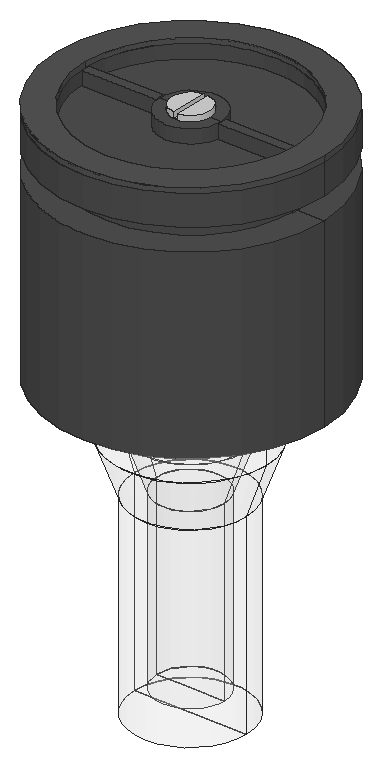
Revit family "SQ Series Nozzles", category Conexões de tubo, Revit 2020
Family settings
  Cota do conector redondo = Utilizar diâmetro
  Tipo de parte = Cobertura
  Número OmniClass = 23.60.30.11.14
  Título OmniClass = Pipework Fittings
  Com base no plano de trabalho = Sim
  Sempre na vertical = Sim
  Corte com vazios quando carregada = Não
  Compartilhado = Não
Parameters (values of type "SQ-ADP")
  Water = Water
  URL = "https://www.rainbird.com/"
  Type = 5 ft
  SupportProjetos: Reviw Date = ""  # constant formula
  SupportProjetos: Level of Detail = "LOD 300"  # constant formula
  SupportProjetos: Developed = "MICHEL SOARES MOTA"  # constant formula
  SupportProjetos: Creation Date = "29/07/2020"  # constant formula
  Reviw = "R00"  # constant formula
  RainBird: Product Link = "https://store.rainbird.com/sprinklers/nozzles.html?sprays_nozzleseries=102"
  RainBird: Description = "SQ-ADP: SQ PolyFlex Riser Adapter only "
  RainBird: Comment [instance] = ""
  Radius [instance] = 4 ft
  R2 [instance] = 0.032808 ft
  R1 [instance] = 0.026247 ft
  Pressure [instance] = 50 psi
  Plastic 2 = Black Plastic
  Plastic 1 = Plastic Black
  PCS - 090 [instance] = no
  PCS - 060 [instance] = no
  PCS - 040 [instance] = yes
  PCS - 030 [instance] = no
  PCS - 025 [instance] = no
  PCS - 020 [instance] = no
  Modelo = "SQ-ADP"
  Metal = PARAFUSO
  H2 = 1.312 ft  # constant formula
  H1 [instance] = 0.049213 ft
  Flow [instance] = 0.2 GPM
  Default Elevation = 4 ft
  Description = RainBird: Description  # "SQ-ADP: SQ PolyFlex Riser Adapter only "
  DT8 [instance] = 6.56168 ft
  DT7 [instance] = 4 * Radius  # 16 ft
  DT4 [instance] = 5 * Radius  # 20 ft
  DT3 [instance] = 0.3397 * Radius  # 1.3588 ft
  DT2 = 0.098425 ft  # constant formula
  DT13 = 0.049769 ft
  DT12 = 0.070216 ft
  DT1 = 0.032808 ft
  DT6 = 0 ft
  DT5 [instance] = 0.6 * Radius  # 2.4 ft
  Blue Plastic = Transparent Plastic
  Angle 2 [instance] = 180.00°
Types (6, lengths in ft): name | RainBird: Description | Modelo | Description
  SQ-QTR | "SQ-QTR: SQ Nozzle, quarter pattern" | "SQ-QTR" | "SQ-QTR: SQ Nozzle, quarter pattern"
  SQ-HLF | "SQ-HLF: SQ Nozzle, half pattern" | "SQ-HLF" | "SQ-HLF: SQ Nozzle, half pattern"
  SQ-FUL | "SQ-FUL: SQ Nozzle, full pattern" | "SQ-FUL" | "SQ-FUL: SQ Nozzle, full pattern"
  SQ-ADP12 | "SQ-ADP12: SQ Nozzle Adapter with 12\" PolyFlex Riser" | "SQ-ADP12" | "SQ-ADP12: SQ Nozzle Adapter with 12\" PolyFlex Riser"
  SQ-ADP24 | "SQ-ADP24: SQ Nozzle Adapter with 24\" PolyFlex Riser" | "SQ-ADP24" | "SQ-ADP24: SQ Nozzle Adapter with 24\" PolyFlex Riser"
  SQ-ADP | "SQ-ADP: SQ PolyFlex Riser Adapter only " | "SQ-ADP" | "SQ-ADP: SQ PolyFlex Riser Adapter only "
Reference planes (ft)
  plane 1 "Centro (Frente/Trás)": y = 0
  plane 2: z = 0
  plane 3 "Centro (Esquerda/Direita)": x = 0
Forms (ft)
  Extrusion 1, solid, material "Water" <- "Water", not visible
    sketch origin (0, 0, 0) x (1, 0, 0) y (0, 1, 0)
      loop
        circle (0, 0) r 0.0625
      loop
        line (-4, 4) -> (-4, -4) -> (4, -4) -> (4, 4) -> (-4, 4)
    from 0.038472 to 0.084338
Dimensions and locks (ft)
  equal spacing: Extrusion 1 sketch curve, plane 3 "Centro (Esquerda/Direita)", Extrusion 1 sketch curve
  equal spacing: Extrusion 1 sketch curve, plane 1 "Centro (Frente/Trás)", Extrusion 1 sketch curve
  "Radius": plane 3 "Centro (Esquerda/Direita)" to Extrusion 1 sketch curve
  "Radius": plane 1 "Centro (Frente/Trás)" to Extrusion 1 sketch curve
  aligned and locked: level to plane 2
Automatic sketch dimensions
  plane 1 "Centro (Frente/Trás)" to Extrusion 1 sketch curve = 0 ft
  Extrusion 1 sketch curve to plane 3 "Centro (Esquerda/Direita)" = 0 ft
  radius of Extrusion 1 sketch curve = 0.0625 ft
Nested families (ft)
  nested 1: "R VAN PCS Screen" at (0, 0, 0), Material <- "Blue Plastic", PCS.020 <- "PCS - 020", PCS.025 <- "PCS - 025", PCS.030 <- "PCS - 030", PCS.040 <- "PCS - 040", PCS.060 <- "PCS - 060", PCS.090 <- "PCS - 090", type "R VAN PCS Screen"
    with RainBird: Description "PCS - 040", PCS.090 no, PCS.060 no, PCS.040 yes, PCS.030 no, PCS.025 no, PCS.020 no, Material Transparent Plastic
  nested 2: "BOCAL U" at (0, 0, 0), Material 2 <- "Plastic 2", Material 1 <- "Plastic 1", Matreral 3 <- "Metal", type "BOCAL U"
    with Matreral 3 PARAFUSO, Material 2 Black Plastic, Material 1 Plastic Black
Connectors (ft)
  piping at (0, 0, 0), diameter 2
    settings: on nested 1, index 1, connector inside diameter 609.6 mm, connector length 0 ft, flow factor 0, pipe flow 0.0 GPM, pressure drop 0 psi, fitting loss kfactor 0, connector angle 0.00°, fixture units 0, engagement length 0 ft, angle of deflection 0.00°, flow configuration 0, flow direction 0, fitting loss method 0, system type 28, joint type 0, gender type 0, connector reference index -1, connector utility 0, adjustable connector no, is connector primary yes, connector description ""
Definition of nested family "R VAN PCS Screen"
  Parameters (values of type "R VAN PCS Screen")
    RainBird: Description [instance] = if(PCS.020, "PCS - 020", if(PCS.025, "PCS - 025", if(PCS.030, "PCS - 030", if(PCS.040, "PCS - 040", if(PCS.060, "PCS - 060", if(PCS.090, "PCS - 090", "Does not exist"))))))  # "PCS - 020"
    PCS.090 [instance] = no
    PCS.060 [instance] = no
    PCS.040 [instance] = no
    PCS.030 [instance] = no
    PCS.020 [instance] = yes
    PCS.025 [instance] = no
    Material [instance] = none
    Default Elevation = 0 ft
  Reference planes (ft)
    plane 1 "Centro (Frente/Trás)": y = 0
    plane 2: z = 0
    plane 3 "Centro (Esquerda/Direita)": x = 0
  Forms (ft)
    Revolve 1, solid, material <- "Material"
      sketch origin (0, 0, 0) x (1, 0, 0) y (0, 0, 1)
        loop
          line (0, -0.088229) -> (0.016404, -0.088229) -> (0.016404, -0.03138) -> (0.022015, -0.015965) -> (0.022015, -0.006562) -> (0.026522, -0.006562) -> (0.026522, 0) -> (0.015453, 0) -> (0.015453, -0.014808) -> (0.009843, -0.030223) -> (0.009843, -0.081723) -> (0, -0.081723) -> (0, -0.088229)
        axis (0, -0.088229) -> (0, 0)
      angle from 0 to 360
  Dimensions and locks (ft)
    level to Revolve 1 sketch curve = 0.088229 ft
    aligned and locked: level to plane 2
Definition of nested family "BOCAL U"
  Parameters (values of type "BOCAL U")
    Matreral 3 [instance] = none
    Material 2 [instance] = none
    Material 1 [instance] = none
    Default Elevation = 0 ft
  Reference planes (ft)
    plane 1 "Centro (Frente/Trás)": y = 0
    plane 2: z = 0
    plane 3 "Centro (Esquerda/Direita)": x = 0
  Forms (ft)
    Extrusion 1, solid, material <- "Material 2"
      sketch origin (0, 0, 0) x (1, 0, 0) y (0, 1, 0)
        loop
          line (-0.03118, -0.001271) -> (-0.008961, -0.001271)
          arc (-0.008961, -0.001271) -> (-0.009051, 0.000025) -> (-0.008954, 0.00132) r 0.009051
          line (-0.008954, 0.00132) -> (-0.031114, 0.00132)
          arc (-0.031114, 0.00132) -> (-0.031171, 0.000025) -> (-0.03118, -0.001271) r 0.035662
        loop
          arc (0.030801, -0.001271) -> (0.030856, 0.000024) -> (0.030865, 0.00132) r 0.035662
          line (0.030865, 0.00132) -> (0.008954, 0.00132)
          arc (0.008954, 0.00132) -> (0.009051, 0.000025) -> (0.008961, -0.001271) r 0.009051
          line (0.008961, -0.001271) -> (0.030801, -0.001271)
      from 0.038472 to 0.069223
    Extrusion 2, solid, material <- "Matreral 3"
      sketch origin (0, 0, 0) x (1, 0, 0) y (0, 1, 0)
        loop
          circle (0, 0) r 0.005499
      from 0.045527 to 0.069223
    Extrusion 3, solid, material <- "Matreral 3"
      sketch origin (0, 0, 0) x (1, 0, 0) y (0, 1, 0)
        loop
          arc (-0.000633, 0.005462) -> (-0.005499, 0) -> (-0.000633, -0.005462) r 0.005499
          line (-0.000633, -0.005462) -> (-0.000633, 0.005462)
        loop
          line (0.000633, 0.005462) -> (0.000633, -0.005462)
          arc (0.000633, -0.005462) -> (0.005499, 0) -> (0.000633, 0.005462) r 0.005499
      from 0.06414 to 0.070693
    Revolve 4, solid, material <- "Material 2"
      sketch origin (0, 0, 0) x (1, 0, 0) y (0, 0, 1)
        loop
          line (0.005759, 0.069223) -> (0.005759, 0.023442) -> (0.02249, 0.023442) -> (0.02249, 0) -> (0.038894, 0) -> (0.038894, 0.053848) -> (0.030801, 0.053848) -> (0.030801, 0.060361) -> (0.038894, 0.060361) -> (0.038894, 0.069223) -> (0.030865, 0.069223) -> (0.030865, 0.065245) -> (0.008961, 0.065245) -> (0.008961, 0.069223) -> (0.005759, 0.069223)
        axis (0, 0) -> (0, 0.069223)
      angle from 0 to 360
    Extrusion 5, solid, material <- "Material 1"
      sketch origin (0, 0, 0) x (1, 0, 0) y (0, 1, 0)
        loop
          circle (0, 0) r 0.038894
        loop
          circle (0, 0) r 0.030865
      from 0.069223 to 0.070693
  Cuts and joins
    joined: Extrusion 2, Extrusion 3
  Dimensions and locks (ft)
    aligned and locked: level to plane 2
